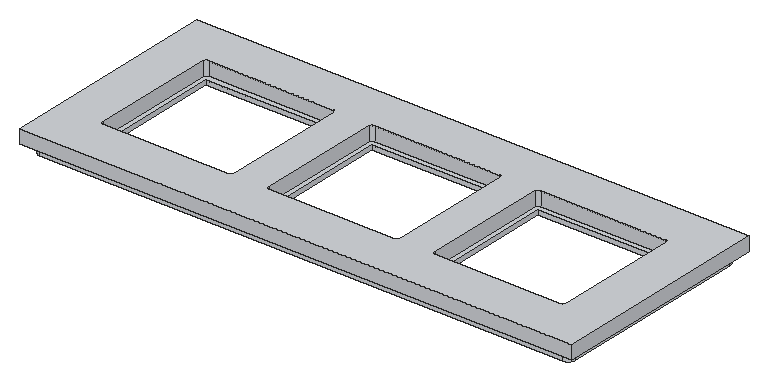
Revit family "Gira_0213219", category Electrical Fixtures, host Face, Revit 2017
Family settings
  Host = Face
  Maintain Annotation Orientation = No
  Round Connector Dimension = Use Diameter
  Part Type = Normal
  Cut with Voids When Loaded = No
  Shared = No
  Room Calculation Point = No
Parameters (values of type "Abdeckrahmen 3f Gira Esprit Edelstahl")
  Werkstoffgüte = "edelstahl"
  Werkstoff = "Metall"
  URL = "http://katalog.gira.de/de_DE/datenblatt.html?artikelnr=0213219"
  Transparent = "No"
  Textfeld/Beschriftungsfläche = "No"
  Schutzart (IP) = "IP20"
  Region = "DE"
  Oberfläche = "sonstige"
  Name = "Abdeckrahmen 3f Gira Esprit Edelstahl"
  Montagerichtung = "horizontal und vertikal"
  Mit Montagerahmen = "No"
  Mit Klappdeckel = "No"
  Manufacturer URL = "https://www.gira.de/"
  Keynote = "Espr._Rahmen_3fach"
  HeinzeBIM = "https://bimportal.heinze.de/bim/abdeckrahmen-3f-gira-esprit-edelstahl/932f39a9644630771bef99dfdf8854bc0c07cadb"
  Halogenfrei = "No"
  HAN = "0213219"
  Geeignet für Unterputz-Installation = "Yes"
  Geeignet für Unterflurkanaldose = "No"
  Geeignet für Geräteeinbaukanal = "No"
  Geeignet für Einbauinstallation = "No"
  GTIN = "4010337015789"
  Farbe = "edelstahl"
  Default Elevation = 1219.2 mm
  Data sheet (1) = "https://katalog.gira.de/de_DE/download.html?artikelnr=0213219"
  Category = "Abdeckrahmen"
  Befestigungsart = "Klemmbefestigung"
  Available = "Yes"
  Anzahl der Einheiten vertikal = "3 "
  Anzahl der Einheiten horizontal = "3 "
  Anzahl der Einheiten = "3 "
Reference planes
  plane 1 "Center (Front/Back)": y = 0
  plane 2: z = 0
  plane 3 "Center (Left/Right)": x = 0
Forms (mm)
  Extrusion 1, solid, detail levels fine
    sketch origin (0, 0, 0) x (1, 0, 0) y (0, 1, 0)
      loop
        line (-118.4, 47.5) -> (-118.4, -47.5) -> (118.4, -47.5) -> (118.4, 47.5) -> (-118.4, 47.5)
      loop
        arc (-99.5, -26.7) -> (-99.061, -27.761) -> (-98, -28.2) r 1.5
        line (-98, -28.2) -> (-44.6, -28.2)
        arc (-44.6, -28.2) -> (-43.539, -27.761) -> (-43.1, -26.7) r 1.5
        line (-43.1, -26.7) -> (-43.1, 26.7)
        arc (-43.1, 26.7) -> (-43.539, 27.761) -> (-44.6, 28.2) r 1.5
        line (-44.6, 28.2) -> (-98, 28.2)
        arc (-98, 28.2) -> (-99.061, 27.761) -> (-99.5, 26.7) r 1.5
        line (-99.5, 26.7) -> (-99.5, -26.7)
      loop
        arc (-28.2, -26.7) -> (-27.761, -27.761) -> (-26.7, -28.2) r 1.5
        line (-26.7, -28.2) -> (26.7, -28.2)
        arc (26.7, -28.2) -> (27.761, -27.761) -> (28.2, -26.7) r 1.5
        line (28.2, -26.7) -> (28.2, 26.7)
        arc (28.2, 26.7) -> (27.761, 27.761) -> (26.7, 28.2) r 1.5
        line (26.7, 28.2) -> (-26.7, 28.2)
        arc (-26.7, 28.2) -> (-27.761, 27.761) -> (-28.2, 26.7) r 1.5
        line (-28.2, 26.7) -> (-28.2, -26.7)
      loop
        arc (43.1, -26.7) -> (43.539, -27.761) -> (44.6, -28.2) r 1.5
        line (44.6, -28.2) -> (98, -28.2)
        arc (98, -28.2) -> (99.061, -27.761) -> (99.5, -26.7) r 1.5
        line (99.5, -26.7) -> (99.5, 26.7)
        arc (99.5, 26.7) -> (99.061, 27.761) -> (98, 28.2) r 1.5
        line (98, 28.2) -> (44.6, 28.2)
        arc (44.6, 28.2) -> (43.539, 27.761) -> (43.1, 26.7) r 1.5
        line (43.1, 26.7) -> (43.1, -26.7)
    from 0 to 6
  Extrusion 2, solid, detail levels fine
    sketch origin (0, 0, 0) x (1, 0, 0) y (0, 1, 0)
      loop
        line (-97.2, -25.7) -> (-45.4, -25.7) -> (-45.4, 25.7) -> (-97.2, 25.7) -> (-97.2, -25.7)
      loop
        line (97.2, 25.7) -> (45.4, 25.7) -> (45.4, -25.7) -> (97.2, -25.7) -> (97.2, 25.7)
      loop
        arc (-114.002, -41.3) -> (-113.474, -42.573) -> (-112.202, -43.1) r 1.8
        line (-112.202, -43.1) -> (112.202, -43.1)
        arc (112.202, -43.1) -> (113.474, -42.573) -> (114.002, -41.3) r 1.8
        line (114.002, -41.3) -> (114.002, 41.3)
        arc (114.002, 41.3) -> (113.474, 42.573) -> (112.202, 43.1) r 1.8
        line (112.202, 43.1) -> (-112.202, 43.1)
        arc (-112.202, 43.1) -> (-113.474, 42.573) -> (-114.002, 41.3) r 1.8
        line (-114.002, 41.3) -> (-114.002, -41.3)
      loop
        line (25.9, 25.7) -> (-25.9, 25.7) -> (-25.9, -25.7) -> (25.9, -25.7) -> (25.9, 25.7)
    from -1.9 to 0
  Extrusion 3, solid, detail levels fine
    sketch origin (0, 0, 0) x (1, 0, 0) y (0, 1, 0)
      loop
        arc (-112.3, 44.4) -> (-114.421, 43.521) -> (-115.3, 41.4) r 3
        line (-115.3, 41.4) -> (-115.3, -41.4)
        arc (-115.3, -41.4) -> (-114.421, -43.521) -> (-112.3, -44.4) r 3
        line (-112.3, -44.4) -> (112.3, -44.4)
        arc (112.3, -44.4) -> (114.421, -43.521) -> (115.3, -41.4) r 3
        line (115.3, -41.4) -> (115.3, 41.4)
        arc (115.3, 41.4) -> (114.421, 43.521) -> (112.3, 44.4) r 3
        line (112.3, 44.4) -> (-112.3, 44.4)
      loop
        arc (-114.1, -41.4) -> (-113.573, -42.673) -> (-112.3, -43.2) r 1.8
        line (-112.3, -43.2) -> (112.3, -43.2)
        arc (112.3, -43.2) -> (113.573, -42.673) -> (114.1, -41.4) r 1.8
        line (114.1, -41.4) -> (114.1, 41.4)
        arc (114.1, 41.4) -> (113.573, 42.673) -> (112.3, 43.2) r 1.8
        line (112.3, 43.2) -> (-112.3, 43.2)
        arc (-112.3, 43.2) -> (-113.573, 42.673) -> (-114.1, 41.4) r 1.8
        line (-114.1, 41.4) -> (-114.1, -41.4)
    from -3.7 to 0
  Extrusion 4, solid, detail levels medium
    sketch origin (0, 0, 0) x (1, 0, 0) y (0, 1, 0)
      loop
        line (-118.4, 47.5) -> (-118.4, -47.5) -> (118.4, -47.5) -> (118.4, 47.5) -> (-118.4, 47.5)
    from 0 to 6
  Extrusion 5, solid, detail levels medium
    sketch origin (0, 0, 0) x (1, 0, 0) y (0, 1, 0)
      loop
        line (-115.3, 44.4) -> (-115.3, -44.4) -> (115.3, -44.4) -> (115.3, 44.4) -> (-115.3, 44.4)
    from -3.7 to 0
  Extrusion 6, solid, detail levels coarse
    sketch origin (0, 0, 0) x (1, 0, 0) y (0, 1, 0)
      loop
        line (-118.4, 47.5) -> (-118.4, -47.5) -> (118.4, -47.5) -> (118.4, 47.5) -> (-118.4, 47.5)
    from -3.7 to 6
Dimensions and locks
  aligned and locked: plane 2 to host face
  aligned and locked: level to host face
